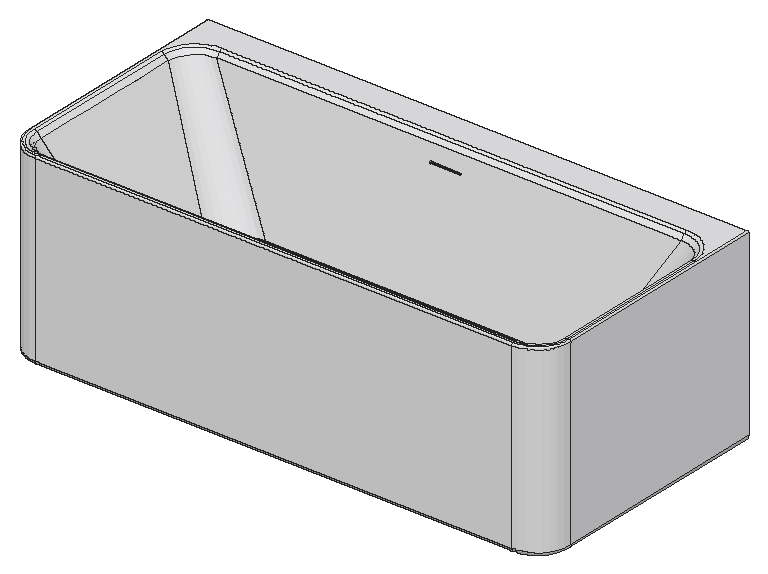
Revit family "Bath-Freestanding-STERLING-Unwind-96134", category Plumbing Fixtures, host Face, Revit 2017
Family settings
  Host = Face
  Round Connector Dimension = Use Diameter
  Part Type = Normal
  OmniClass Number = 23.31.15.00
  OmniClass Title = Bathtubs
  Cut with Voids When Loaded = No
  Shared = No
  Room Calculation Point = No
Parameters (values of type "0-White")
  Width = 31 1/2"  # constant formula
  WaterSense Certified = 1 = 0  # no
  Waste Water Outlet = "Waste Water Outlet"  # constant formula
  Waste Connection = 1 = 1  # yes
  Vent Connection = 1 = 0  # no
  URL = "https://www.sterlingplumbing.com/"
  Type = 1
  Product Page URL = "http://www.sterlingplumbing.com/detail?productNumber=96134"
  Product Name = "Unwind"  # constant formula
  Product Documentation Link = "https://resources.kohler.com/plumbing/sterling/pdf/96134_spec_US-CA_Sterling_en.pdf"
  Model = "96134-0"  # constant formula
  Material = "Acrylic"  # constant formula
  Master Format 2014 Name = "Residential Bathtubs"  # constant formula
  Master Format 2014 = "22 41 19"  # constant formula
  Manufacturer Address = "444 Highland Dr, Kohler, WI 53044"  # constant formula
  Manufacturer = "STERLING Co."  # constant formula
  Length = 66 15/16"  # constant formula
  Hot Water Inlet = "Hot Water Inlet"  # constant formula
  Height = 23 1/16"  # constant formula
  HW Connection = 1 = 0  # no
  Finish = STERLING-Acrylic-0-White
  Environmental Product Declaration = ""
  Drain Included = 1 = 1  # yes
  Description = "67 inch x 32 inch seamless back-to-wall freestanding bath"  # constant formula
  Default Elevation = 0"
  Declare Label = ""
  Date Modified = "11/25/2020"  # constant formula
  Date Created = "11/25/2020"  # constant formula
  Copyright = "Copyright STERLING Co."  # constant formula
  Contact Us = "https://www.sterlingplumbing.com/contact"
  Cold Water Inlet = "Cold Water Inlet"  # constant formula
  CW Connection = 1 = 0  # no
  Assembly Code = "D2010500"
  ADA Compliant = 1 = 0  # no
Reference planes (in)
  plane 1 "Center (Front/Back)": y = 0
  plane 2: z = 0
  plane 3 "Center (Left/Right)": x = 0
  plane 4: y = 17.75
  plane 5: y = -13.75
  plane 6: x = -33.5
  plane 7: x = 33.4375
  plane 8: y = 2
  plane 9: z = 4.3125
  plane 10: z = 20.5
  plane 11: z = 23.0625
Dimensions and locks (in)
  locked: plane 6 to plane 3 "Center (Left/Right)" at 33.5
  locked: plane 1 "Center (Front/Back)" to plane 4 at 17.75
  "Width": plane 5 to plane 4
  "Length": plane 6 to plane 7
  plane 8 to plane 4 = 15 3/4"
  locked: plane 9 to plane 2 at 4.3125
  locked: plane 10 to plane 11 at 2.5625
  "Height": plane 11 to plane 2
  aligned and locked: plane 2 to host face
  aligned and locked: level to host face
Automatic sketch dimensions
  host sketch curve to host sketch curve = 96"  (x2)
Nested families (in)
  nested 1: "96134" at (0, 0, 0), type "96134"
Connectors (in)
  piping at (0, 0, 0), diameter 1.5, driven by "Waste Connection", driven by "Waste Water Outlet"
    settings: on nested 1, index 1, connector inside diameter 24", connector length 0", flow factor 0, pipe flow 0 GPM, pressure drop 0.00 psi, fitting loss kfactor 0, connector angle 0.00°, fixture units 0, engagement length 0", angle of deflection 0.00°, flow configuration 0, flow direction 2, fitting loss method 0, system type 16, joint type 0, gender type 0, connector reference index -1, connector utility 1, adjustable connector no, is connector primary yes, connector description "Waste Water Outlet"
Definition of nested family "96134"
  Parameters (values of type "96134")
    Material = none
  Reference planes (in)
    plane 1 "Center (Front/Back)": y = 0
    plane 2: z = 0
    plane 3 "Center (Left/Right)": x = 0
    plane 4: y = 17.75
    plane 5: y = -13.75
    plane 6: x = -33.5
    plane 7: x = 33.4375
    plane 8: z = 4.3125
    plane 9: z = 23.0625
    plane 10: z = 20.5
  Forms (in)
    Sweep 1, solid, material <- "Material", detail levels medium+fine
      path origin (0, 0, 0) x (1, 0, 0) y (0, 1, 0)
        loop
          line (-33.5, 17.75) -> (-33.5, -9.75)
          arc (-33.5, -9.75) -> (-32.32843, -12.57843) -> (-29.5, -13.75) r 4
          line (-29.5, -13.75) -> (29.4375, -13.75)
          arc (29.4375, -13.75) -> (32.26593, -12.57843) -> (33.4375, -9.75) r 4
          line (33.4375, -9.75) -> (33.4375, 17.75)
      profile origin (-33.5, 4, 0) x (1, 0, 0) y (0, 0, 1)
        loop
          arc (0.1875, 23.0625) -> (0.05492, 23.00758) -> (0, 22.875) r 0.1875
          line (0, 22.875) -> (0, 0.37492)
          arc (0, 0.37492) -> (0.10981, 0.10981) -> (0.37492, 0) r 0.37492
          line (0.37492, 0) -> (1.21654, 0) -> (1.21654, 22.37853) -> (0.24637, 22.37853) -> (0.24637, 23.0625) -> (0.1875, 23.0625)
    Sweep 2, solid, material <- "Material", detail levels medium+fine
      path origin (0, 0, 0) x (1, 0, 0) y (0, 1, 0)
        loop
          arc (-32.89919, -9.6562) -> (-31.87391, -12.13079) -> (-29.39919, -13.15577) r 3.5
          line (-29.39919, -13.15577) -> (29.39919, -13.15577)
          arc (29.39919, -13.15577) -> (31.87391, -12.13079) -> (32.89919, -9.6562) r 3.5
          line (32.89919, -9.6562) -> (32.9016, 9.94948)
          arc (32.9016, 9.94948) -> (31.68673, 12.8832) -> (28.75316, 14.09843) r 4.14844
          line (28.75316, 14.09843) -> (-28.7551, 14.09843)
          arc (-28.7551, 14.09843) -> (-31.6873, 12.88377) -> (-32.9016, 9.95142) r 4.14651
          line (-32.9016, 9.95142) -> (-32.89919, -9.6562)
      profile origin (-32.9004, 0.14761, 0) x (-1, -0.000123, 0) y (0, 0, 1)
        loop
          line (0.2417, 23.0625) -> (0.11688, 23.0625)
          arc (0.11688, 23.0625) -> (-0.11265, 23.02049) -> (-0.31242, 22.89991) r 0.64804
          arc (-0.31242, 22.89991) -> (-0.57245, 22.6497) -> (-0.81053, 22.37853) r 4.2902
          line (-0.81053, 22.37853) -> (0.2417, 22.37853) -> (0.2417, 23.0625)
    Extrusion 3, solid, material <- "Material", detail levels medium+fine
      sketch origin (0, 0, 0) x (1, 0, 0) y (0, 1, 0)
        loop
          arc (-33.25363, -9.75) -> (-32.15422, -12.40422) -> (-29.5, -13.50363) r 3.75363
          line (-29.5, -13.50363) -> (29.4375, -13.50363)
          arc (29.4375, -13.50363) -> (32.09172, -12.40422) -> (33.19113, -9.75) r 3.75363
          line (33.19113, -9.75) -> (33.19113, 17.75) -> (-33.25363, 17.75) -> (-33.25363, -9.75)
        loop
          line (-33.1433, 9.95139) -> (-33.14089, -9.65623)
          arc (-33.14089, -9.65623) -> (-32.04481, -12.30171) -> (-29.39919, -13.39746) r 3.7417
          line (-29.39919, -13.39746) -> (29.39919, -13.39746)
          arc (29.39919, -13.39746) -> (32.04481, -12.30171) -> (33.14089, -9.65623) r 3.7417
          line (33.14089, -9.65623) -> (33.1433, 9.94945)
          arc (33.1433, 9.94945) -> (31.85765, 13.0541) -> (28.75316, 14.34013) r 4.39014
          line (28.75316, 14.34013) -> (-28.7551, 14.34013)
          arc (-28.7551, 14.34013) -> (-31.85821, 13.05466) -> (-33.1433, 9.95139) r 4.3882
      from 22.37853 to 23.0625
    Blend 4, void
      base sketch origin (0, 0, 0) x (1, 0, 0) y (0, 1, 0)
        loop
          arc (-23.6694, -5.39869) -> (-22.49782, -8.22712) -> (-19.6694, -9.39869) r 4
          line (-19.6694, -9.39869) -> (19.66642, -9.39869)
          arc (19.66642, -9.39869) -> (22.49485, -8.22712) -> (23.66642, -5.39869) r 4
          line (23.66642, -5.39869) -> (23.66642, 5.47631)
          arc (23.66642, 5.47631) -> (22.49485, 8.30473) -> (19.66642, 9.47631) r 4
          line (19.66642, 9.47631) -> (-19.6694, 9.47631)
          arc (-19.6694, 9.47631) -> (-22.49782, 8.30473) -> (-23.6694, 5.47631) r 4
          line (-23.6694, 5.47631) -> (-23.6694, -5.39869)
      top sketch origin (0, 0, 0) x (1, 0, 0) y (0, 1, 0)
        loop
          arc (-28.7551, 13.28791) -> (-31.11413, 12.31067) -> (-32.09107, 9.95152) r 3.33598
          line (-32.09107, 9.95152) -> (-32.08866, -9.6561)
          arc (-32.08866, -9.6561) -> (-31.30082, -11.55763) -> (-29.39919, -12.34524) r 2.68947
          line (-29.39919, -12.34524) -> (29.39919, -12.34524)
          arc (29.39919, -12.34524) -> (31.30082, -11.55763) -> (32.08866, -9.6561) r 2.68947
          line (32.08866, -9.6561) -> (32.09107, 9.94958)
          arc (32.09107, 9.94958) -> (31.11357, 12.31011) -> (28.75316, 13.28791) r 3.33791
          line (28.75316, 13.28791) -> (-28.7551, 13.28791)
      from 6.99918 to 22.37853
    Blend 5, solid, material <- "Material", detail levels medium+fine
      base sketch origin (0, 0, 0) x (1, 0, 0) y (0, 1, 0)
        loop
          arc (32.22096, 10.29858) -> (31.26906, 12.59667) -> (28.97096, 13.54858) r 3.25
          line (28.97096, 13.54858) -> (-28.78346, 13.54858)
          arc (-28.78346, 13.54858) -> (-31.25834, 12.52345) -> (-32.28346, 10.04858) r 3.5
          line (-32.28346, 10.04858) -> (-32.28346, -9.75)
          arc (-32.28346, -9.75) -> (-31.46821, -11.71821) -> (-29.5, -12.53346) r 2.78346
          line (-29.5, -12.53346) -> (29.4375, -12.53346)
          arc (29.4375, -12.53346) -> (31.40571, -11.71821) -> (32.22096, -9.75) r 2.78346
          line (32.22096, -9.75) -> (32.22096, 10.29858)
      top sketch origin (0, 0, 0) x (1, 0, 0) y (0, 1, 0)
        loop
          line (23.98283, -5.39869) -> (23.98283, 5.47631)
          arc (23.98283, 5.47631) -> (22.71859, 8.52847) -> (19.66642, 9.79271) r 4.31641
          line (19.66642, 9.79271) -> (-19.6694, 9.79271)
          arc (-19.6694, 9.79271) -> (-22.72156, 8.52847) -> (-23.9858, 5.47631) r 4.31641
          line (-23.9858, 5.47631) -> (-23.9858, -5.39869)
          arc (-23.9858, -5.39869) -> (-22.72156, -8.45085) -> (-19.6694, -9.7151) r 4.31641
          line (-19.6694, -9.7151) -> (19.66642, -9.7151)
          arc (19.66642, -9.7151) -> (22.71859, -8.45085) -> (23.98283, -5.39869) r 4.31641
      from 22.37853 to 6.99918
    Sweep 6, solid, material <- "Material", detail levels medium+fine
      path origin (0, 0, 0) x (1, 0, 0) y (0, 1, 0)
        loop
          arc (23.98283, 5.47631) -> (22.71859, 8.52847) -> (19.66642, 9.79271) r 4.31641
          line (19.66642, 9.79271) -> (-19.6694, 9.79271)
          arc (-19.6694, 9.79271) -> (-22.72156, 8.52847) -> (-23.9858, 5.47631) r 4.31641
          line (-23.9858, 5.47631) -> (-23.9858, -5.39869)
          arc (-23.9858, -5.39869) -> (-22.72156, -8.45085) -> (-19.6694, -9.7151) r 4.31641
          line (-19.6694, -9.7151) -> (19.66642, -9.7151)
          arc (19.66642, -9.7151) -> (22.71859, -8.45085) -> (23.98283, -5.39869) r 4.31641
          line (23.98283, -5.39869) -> (23.98283, 5.47631)
      profile origin (23.98283, 0.03881, 0) x (1, 0, 0) y (0, 0, 1)
        loop
          line (-3.40374, 5.48974) -> (-2.72995, 5.48974)
          arc (-2.72995, 5.48974) -> (-1.17022, 5.89223) -> (0, 6.99918) r 3.22339
          line (0, 6.99918) -> (-0.31641, 6.99918)
          arc (-0.31641, 6.99918) -> (-1.25696, 6.12383) -> (-2.50193, 5.80615) r 2.59835
          line (-2.50193, 5.80615) -> (-3.40374, 5.80615) -> (-3.40374, 5.48974)
    Extrusion 7, solid, material <- "Material", detail levels medium+fine
      sketch origin (0, 0, 0) x (1, 0, 0) y (0, 1, 0)
        loop
          arc (-19.6694, 6.38897) -> (-20.31475, 6.12166) -> (-20.58206, 5.47631) r 0.91266
          line (-20.58206, 5.47631) -> (-20.58206, -5.39869)
          arc (-20.58206, -5.39869) -> (-20.31475, -6.04404) -> (-19.6694, -6.31136) r 0.91266
          line (-19.6694, -6.31136) -> (19.66642, -6.31136)
          arc (19.66642, -6.31136) -> (20.31177, -6.04404) -> (20.57909, -5.39869) r 0.91266
          line (20.57909, -5.39869) -> (20.57909, 5.47631)
          arc (20.57909, 5.47631) -> (20.31177, 6.12166) -> (19.66642, 6.38897) r 0.91266
          line (19.66642, 6.38897) -> (-19.6694, 6.38897)
      from 5.48974 to 5.80615
    Revolve 8, void
      sketch origin (0, 0, 0) x (0, 1, 0) y (0, 0, 1)
        loop
          arc (1.41996, 5.71393) -> (1.44698, 5.77914) -> (1.51218, 5.80615) r 0.09222
          line (1.51218, 5.80615) -> (0, 5.80615) -> (0, 5.01317) -> (1.41996, 5.01317) -> (1.41996, 5.71393)
        axis (0, 5.80615) -> (0, 5.01317)
      angle from 0 to 360
    Extrusion 9, solid, material <- "Material", detail levels medium+fine
      sketch origin (0, 0, 0) x (1, 0, 0) y (0, 1, 0)
        loop
          line (2.90495, 3.18864) -> (-2.84505, 3.18864) -> (-2.84505, 0.02095)
          arc (-2.84505, 0.02095) -> (0.02995, -2.85405) -> (2.90495, 0.02095) r 2.875
          line (2.90495, 0.02095) -> (2.90495, 3.18864)
      from 5.07606 to 5.48974
    Extrusion 10, solid, material <- "Material", detail levels medium+fine
      sketch origin (0, 0, 0) x (0, 1, 0) y (0, 0, 1)
        loop
          line (13.81312, 21.37193) -> (13.30275, 21.37193) -> (9.79271, 6.99918)
          arc (9.79271, 6.99918) -> (8.63586, 5.89262) -> (7.08652, 5.48974) r 3.18062
          line (7.08652, 5.48974) -> (3.18864, 5.48974) -> (3.18864, 5.07606) -> (7.4779, 5.07606)
          arc (7.4779, 5.07606) -> (9.33058, 5.71648) -> (10.39225, 7.36433) r 3
          line (10.39225, 7.36433) -> (13.81312, 21.37193)
      from -2.84505 to 2.90495
    Revolve 11, solid, detail levels medium+fine
      sketch origin (0, 0, 0) x (0, 1, 0) y (0, 0, 1)
        loop
          arc (1.43478, 5.84909) -> (0.72862, 6.03971) -> (0, 6.1039) r 4.16679
          line (0, 6.1039) -> (0, 5.26807) -> (0.67054, 5.26807) -> (0.67054, 5.76807) -> (1.42039, 5.76807)
          arc (1.42039, 5.76807) -> (1.46154, 5.80255) -> (1.43478, 5.84909) r 0.04179
        axis (0, 6.1039) -> (0, 5.26807)
      angle from 0 to 360
    Revolve 12, solid, material <- "Material", detail levels medium+fine
      sketch origin (0, 0, 0) x (0, 1, 0) y (0, 0, 1)
        loop
          arc (2.08843, 4.94846) -> (2.22976, 5.0429) -> (2.39647, 5.07606) r 0.43564
          line (2.39647, 5.07606) -> (2.05029, 5.07606) -> (1.40392, 4.42969) -> (0.89532, 4.42969) -> (0.89532, 0) -> (1.01251, 0) -> (1.01251, 4.21176)
          arc (1.01251, 4.21176) -> (1.04201, 4.283) -> (1.11324, 4.3125) r 0.10074
          line (1.11324, 4.3125) -> (1.3698, 4.3125)
          arc (1.3698, 4.3125) -> (1.44617, 4.32769) -> (1.51091, 4.37095) r 0.19956
          line (1.51091, 4.37095) -> (2.08843, 4.94846)
        axis (0, 5.07606) -> (0, 0)
      angle from 0 to 360
    Extrusion 13, solid, material <- "Material", detail levels medium+fine
      sketch origin (0, 0, 0) x (1, 0, 0) y (0, 1, 0)
        loop
          circle (-17.70368, 4.76504) r 1.5
      from 0 to 5.48974
    Extrusion 14, solid, material <- "Material", detail levels medium+fine
      sketch origin (0, 0, 0) x (1, 0, 0) y (0, 1, 0)
        loop
          circle (-17.70368, 4.76504) r 2
      from 0 to 0.3937
    Extrusion 15, solid, material <- "Material", detail levels medium+fine
      sketch origin (0, 0, 0) x (1, 0, 0) y (0, 1, 0)
        loop
          circle (-17.70368, -4.76504) r 1.5
      from 0 to 5.48974
    Extrusion 16, solid, material <- "Material", detail levels medium+fine
      sketch origin (0, 0, 0) x (1, 0, 0) y (0, 1, 0)
        loop
          circle (-17.70368, -4.76504) r 2
      from 0 to 0.3937
    Extrusion 17, solid, material <- "Material", detail levels medium+fine
      sketch origin (0, 0, 0) x (-1, 0, 0) y (0, -1, 0)
        loop
          circle (-17.70368, -4.76504) r 1.5
      from 0 to 5.48974
    Extrusion 18, solid, material <- "Material", detail levels medium+fine
      sketch origin (0, 0, 0) x (-1, 0, 0) y (0, -1, 0)
        loop
          circle (-17.70368, -4.76504) r 2
      from 0 to 0.3937
    Extrusion 19, solid, material <- "Material", detail levels medium+fine
      sketch origin (0, 0, 0) x (-1, 0, 0) y (0, -1, 0)
        loop
          circle (-17.70368, 4.76504) r 1.5
      from 0 to 5.48974
    Extrusion 20, solid, material <- "Material", detail levels medium+fine
      sketch origin (0, 0, 0) x (-1, 0, 0) y (0, -1, 0)
        loop
          circle (-17.70368, 4.76504) r 2
      from 0 to 0.3937
    Extrusion 21, void
      sketch origin (0, 0, 0) x (1, 0, 0) y (0, 0, 1)
        loop
          line (1.81449, 20.65748) -> (-1.80352, 20.65748)
          arc (-1.80352, 20.65748) -> (-1.961, 20.5) -> (-1.80352, 20.34252) r 0.15748
          line (-1.80352, 20.34252) -> (1.81449, 20.34252)
          arc (1.81449, 20.34252) -> (1.97197, 20.5) -> (1.81449, 20.65748) r 0.15748
      from -13.03761 to -11.84368
    Extrusion 22, solid, material <- "Material", detail levels coarse
      sketch origin (0, 0, 0) x (1, 0, 0) y (0, 1, 0)
        loop
          line (-33.5, 17.75) -> (-33.5, -13.75) -> (33.4375, -13.75) -> (33.4375, 17.75) -> (32.08894, 17.75) -> (32.08894, -12.34524) -> (-32.0909, -12.34524) -> (-32.0909, 17.75) -> (-33.5, 17.75)
      from 0 to 23.0625
    Extrusion 23, solid, material <- "Material", detail levels coarse
      sketch origin (0, 0, 0) x (1, 0, 0) y (0, 1, 0)
        loop
          line (-32.0909, 13.28791) -> (32.08894, 13.28791) -> (32.08894, 17.75) -> (-32.0909, 17.75) -> (-32.0909, 13.28791)
      from 22.37853 to 23.0625
    Blend 24, void
      base sketch origin (0, 0, 0) x (1, 0, 0) y (0, 1, 0)
        loop
          line (-32.0909, 13.28791) -> (-32.0909, -12.34524) -> (32.08894, -12.34524) -> (32.08894, 13.28791) -> (-32.0909, 13.28791)
      top sketch origin (0, 0, 0) x (1, 0, 0) y (0, 1, 0)
        loop
          line (23.66642, 9.47631) -> (-23.6694, 9.47631) -> (-23.6694, -9.39869) -> (23.66642, -9.39869) -> (23.66642, 9.47631)
      from 22.37853 to 5.48974
    Blend 25, solid, material <- "Material", detail levels coarse
      base sketch origin (0, 0, 0) x (1, 0, 0) y (0, 1, 0)
        loop
          line (32.28425, 13.48322) -> (-32.28622, 13.48322) -> (-32.28622, -12.54055) -> (32.28425, -12.54055) -> (32.28425, 13.48322)
      top sketch origin (0, 0, 0) x (1, 0, 0) y (0, 1, 0)
        loop
          line (23.86174, 9.67162) -> (-23.86471, 9.67162) -> (-23.86471, -9.59401) -> (23.86174, -9.59401) -> (23.86174, 9.67162)
      from 22.37853 to 5.48974
    Extrusion 26, solid, material <- "Material", detail levels coarse
      sketch origin (0, 0, 0) x (1, 0, 0) y (0, 1, 0)
        loop
          line (23.86174, 9.67162) -> (-23.86471, 9.67162) -> (-23.86471, -9.59401) -> (23.86174, -9.59401) -> (23.86174, 9.67162)
      from 4.96371 to 5.48974
    Extrusion 27, solid, material <- "Material", detail levels coarse
      sketch origin (0, 0, 0) x (1, 0, 0) y (0, 1, 0)
        loop
          circle (-17.70368, 4.76504) r 2
        loop
          circle (-17.70368, -4.76504) r 2
        loop
          circle (17.70368, -4.76504) r 2
        loop
          circle (17.70368, 4.76504) r 2
      from 0 to 4.96371
  Cuts and joins
    Blend 4, Extrusion 21 cuts Blend 5
    Revolve 8 cuts Extrusion 9
    joined: Sweep 1, Sweep 2, Extrusion 3, Blend 5, Extrusion 9, Extrusion 10, Revolve 12
    Revolve 8 cuts Extrusion 7
    joined: Sweep 6, Extrusion 7, Extrusion 13, Extrusion 14, Extrusion 15, Extrusion 16, Extrusion 17, Extrusion 18, Extrusion 19, Extrusion 20
    Blend 24 cuts Blend 25
    joined: Extrusion 22, Extrusion 23, Blend 25, Extrusion 26, Extrusion 27
  Lines and regions (in)
    Masking region 1
      outline origin (0, 0, 0) x (1, 0, 0) y (0, 1, 0)
        loop
          line (-33.5, 16.79729) -> (-33.5, -9.75)
          arc (-33.5, -9.75) -> (-32.32843, -12.57843) -> (-29.5, -13.75) r 4
          line (-29.5, -13.75) -> (29.4375, -13.75)
          arc (29.4375, -13.75) -> (32.26593, -12.57843) -> (33.4375, -9.75) r 4
          line (33.4375, -9.75) -> (33.4375, 16.79687)
          arc (33.4375, 16.79687) -> (33.15834, 17.47084) -> (32.48438, 17.75) r 0.95313
          line (32.48438, 17.75) -> (-32.54729, 17.75)
          arc (-32.54729, 17.75) -> (-33.22096, 17.47096) -> (-33.5, 16.79729) r 0.95271
    Masking region 2
      outline origin (0, 0, 0) x (1, 0, 0) y (0, 0, 1)
        loop
          line (-33.5, 22.83595) -> (-33.5, 0.40693)
          arc (-33.5, 0.40693) -> (-33.38081, 0.11919) -> (-33.09307, 0) r 0.40693
          line (-33.09307, 0) -> (33.0525, 0)
          arc (33.0525, 0) -> (33.32474, 0.11276) -> (33.4375, 0.385) r 0.385
          line (33.4375, 0.385) -> (33.4375, 22.76903)
          arc (33.4375, 22.76903) -> (33.35154, 22.97654) -> (33.14403, 23.0625) r 0.29347
          line (33.14403, 23.0625) -> (-33.27345, 23.0625)
          arc (-33.27345, 23.0625) -> (-33.43364, 22.99614) -> (-33.5, 22.83595) r 0.22655
    Masking region 3
      outline origin (0, 0, 0) x (0, 1, 0) y (0, 0, 1)
        loop
          arc (-13.75, 0.40281) -> (-13.63202, 0.11798) -> (-13.34719, 0) r 0.40281
          line (-13.34719, 0) -> (17.25, 0)
          arc (17.25, 0) -> (17.60355, 0.14645) -> (17.75, 0.5) r 0.5
          line (17.75, 0.5) -> (17.75, 22.75)
          arc (17.75, 22.75) -> (17.65847, 22.97097) -> (17.4375, 23.0625) r 0.3125
          line (17.4375, 23.0625) -> (-13.43869, 23.0625)
          arc (-13.43869, 23.0625) -> (-13.65882, 22.97132) -> (-13.75, 22.75119) r 0.31131
          line (-13.75, 22.75119) -> (-13.75, 0.40281)
    symbolic lines
      curve 1: line (-28.84086, 14.20104, 0) -> (28.64038, 14.20104, 0)
      curve 2: line (-32.84086, 10.20104, 0) -> (-32.84086, -9.55833, 0)
      curve 3: line (-29.34086, -13.05833, 0) -> (29.64038, -13.05833, 0)
      curve 4: line (32.89038, -9.80833, 0) -> (32.89038, 9.95104, 0)
      curve 5: arc (-32.84086, 10.20104, 0) -> (-31.66929, 13.02947, 0) -> (-28.84086, 14.20104, 0) r 4
      curve 6: arc (-32.84086, -9.55833, 0) -> (-31.81574, -12.0332, 0) -> (-29.34086, -13.05833, 0) r 3.5
      curve 7: arc (29.64038, -13.05833, 0) -> (31.93848, -12.10643, 0) -> (32.89038, -9.80833, 0) r 3.25
      curve 8: arc (28.64038, 14.20104, 0) -> (31.64559, 12.95625, 0) -> (32.89038, 9.95104, 0) r 4.25
      curve 17: circle (0, 0, 0) r 2.05792 normal (0, 0, 1)
    symbolic lines, detail levels medium+fine
      curve 9: line (19.66642, 9.47631, 0) -> (-19.6694, 9.47631, 0)
      curve 10: arc (-19.6694, 9.47631, 0) -> (-22.49782, 8.30473, 0) -> (-23.6694, 5.47631, 0) r 4
      curve 11: line (-23.6694, 5.47631, 0) -> (-23.6694, -5.39869, 0)
      curve 12: arc (-23.6694, -5.39869, 0) -> (-22.49782, -8.22712, 0) -> (-19.6694, -9.39869, 0) r 4
      curve 13: line (-19.6694, -9.39869, 0) -> (19.66642, -9.39869, 0)
      curve 14: arc (19.66642, -9.39869, 0) -> (22.49485, -8.22712, 0) -> (23.66642, -5.39869, 0) r 4
      curve 15: line (23.66642, -5.39869, 0) -> (23.66642, 5.47631, 0)
      curve 16: arc (23.66642, 5.47631, 0) -> (22.49485, 8.30473, 0) -> (19.66642, 9.47631, 0) r 4
      curve 18: circle (0, 0, 0) r 1.75 normal (0, 0, 1)
      curve 19: line (1.82484, 12.7833, 0) -> (-1.81388, 12.7833, 0)
      curve 20: line (-1.81388, 12.86136, 0) -> (1.82484, 12.86136, 0)
      curve 21: spline (-1.81388, 12.7833, 0) -> (-1.85295, 12.78538, 0) -> (-1.88874, 12.78968, 0) -> (-1.91909, 12.79595, 0) -> (-1.94219, 12.80381, 0) -> (-1.95662, 12.81278, 0) -> (-1.96154, 12.82233, 0) -> (-1.95662, 12.83189, 0) -> (-1.94219, 12.84086, 0) -> (-1.91909, 12.84872, 0) -> (-1.88874, 12.85499, 0) -> (-1.85295, 12.85929, 0) -> (-1.81388, 12.86136, 0)
      curve 22: spline (1.82484, 12.86136, 0) -> (1.86391, 12.85929, 0) -> (1.8997, 12.85499, 0) -> (1.93006, 12.84872, 0) -> (1.95315, 12.84086, 0) -> (1.96759, 12.83189, 0) -> (1.9725, 12.82233, 0) -> (1.96759, 12.81278, 0) -> (1.95315, 12.80381, 0) -> (1.93006, 12.79595, 0) -> (1.8997, 12.78968, 0) -> (1.86391, 12.78538, 0) -> (1.82484, 12.7833, 0)
  Dimensions and locks (in)
    locked: plane 1 "Center (Front/Back)" to plane 4 at 17.75
    locked: plane 4 to plane 5 at 31.5
    locked: plane 6 to plane 3 "Center (Left/Right)" at 33.5
    locked: plane 6 to plane 7 at 66.9375
    locked: plane 8 to plane 2 at 4.3125
    plane 9 to plane 2 = 23 1/16"
    locked: plane 9 to plane 10 at 2.5625
    aligned and locked: plane 2 to level
